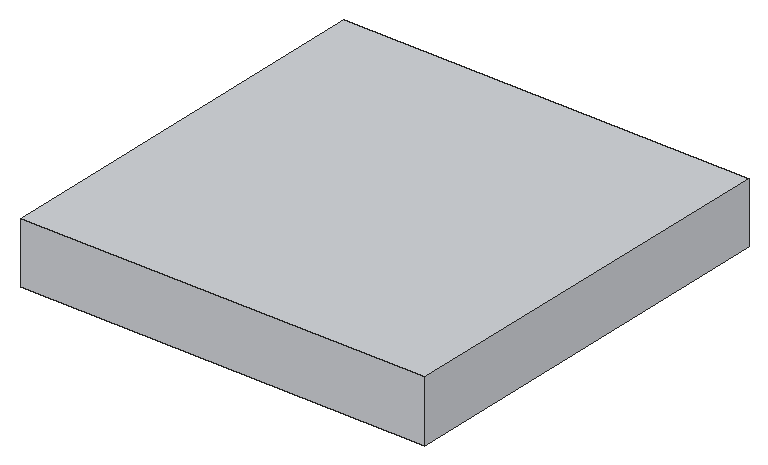
Revit family "承台001", category 结构基础, Revit 2020
Family settings
  用于模型行为的材质 = 其他
  管帽 = 否
  OmniClass 编号 = 23.25.05.00
  OmniClass 标题 = Foundations
  基于工作平面 = 否
  总是垂直 = 是
  加载时剪切的空心 = 否
  共享 = 否
Parameters
  长度1 [instance] = 400 mm
  Structural Material [instance] = (empty or 0)
  承台高度 [instance] = 60.481 mm
  宽度1 [instance] = 400 mm
Reference planes
  plane 1 "中心(前/后)": y = 0
  plane 2: z = 0
  plane 3 "中心(左/右)": x = 0
  plane 4: z = -60.481
Forms (mm)
  Extrusion 1, solid
    sketch origin (0, 0, 0) x (1, 0, 0) y (0, 1, 0)
      loop
        line (-200, 200) -> (-200, -200) -> (200, -200) -> (200, 200) -> (-200, 200)
    from 0 to -60.481
Dimensions and locks
  equal spacing: Extrusion 1 sketch curve, plane 3 "中心(左/右)", Extrusion 1 sketch curve
  equal spacing: Extrusion 1 sketch curve, plane 1 "中心(前/后)", Extrusion 1 sketch curve
  "长度1": Extrusion 1 sketch curve to Extrusion 1 sketch curve
  "宽度1": Extrusion 1 sketch curve to Extrusion 1 sketch curve
  "承台高度": Extrusion 1 to Extrusion 1
  aligned and locked: plane 2 to level
  aligned and locked: level to Extrusion 1
  aligned and locked: plane 2 to Extrusion 1
